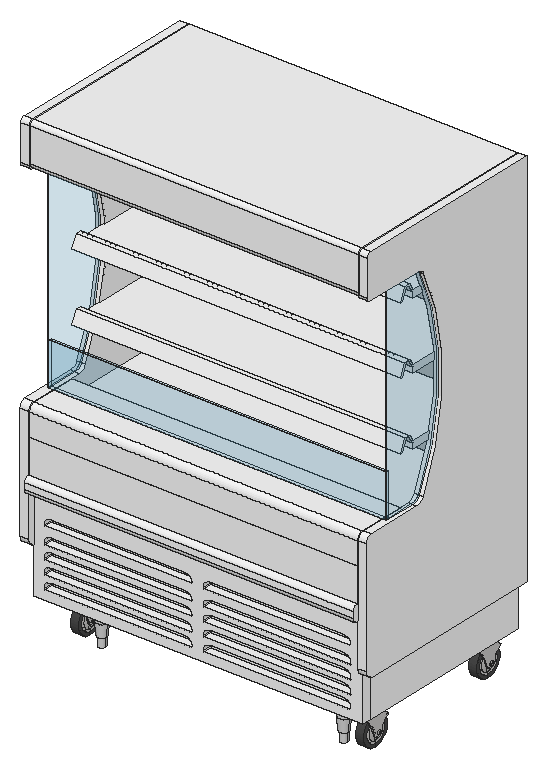
Revit family "QF_EVEREST_EOMV-48-_-28-S_cat", category Specialty Equipment, Revit 2016
Family settings
  Part Type = Normal
  Round Connector Dimension = Use Diameter
  Work Plane-Based = No
  Always vertical = Yes
  Cut with Voids When Loaded = No
  Shared = No
  Room Calculation Point = No
Parameters (values of type "EOMV-36-B-28-S")
  Weight in Pounds = 0
  Watts = if(Phase = 3, Volts * FL Amps * 1.73, Volts * FL Amps)  # 1265 W
  Volts = 115 V
  URL Cutsheet = ""
  Specification by User = ""
  Specification by Manufacturer = ""
  Serial Number = ""
  Seismic Rating = ""
  SMACNA No = ""
  Revision Code = ""
  Refrigerant Volume = 0.00 kip
  Refrigerant Type = "R290"
  Phase = 1
  Number of Poles = 1
  NAFEM Spec ID Number = ""
  Model = "EOMV-36-B-28-S"
  Min Ckt Ampacity = 0 A
  Max Overcurrent Protection = 0 A
  Materials and Finishes = QF_Plastic - White - Smooth
  Masterspec = ""
  Manufacturer = "EVEREST"
  Length = 48"
  Item Number = ""
  Installed By = ""
  Identify Quantity as Lot = yes
  Height = 65 1/8"
  HP = "1/2 x 2"
  Furnished By = ""
  Foodservice Equipment Identifier = yes
  FL Amps = 11 A
  Electrical Remarks = ""
  Electric Connection Type = ""
  Elec Conn RI Height = 0"
  Elec Conn Connection Height = 0"
  Description = "OPEN AIR MERCHANDISERS"
  Depth = 28 3/8"
  Cycle = 60 Hz
  Conn Plug = ""
  Conn Conduit = yes
  CSI MasterFormat = ""
  BTUH = 0.0 Btu/h
  Apparent Power = if(Phase = 3, Volts * FL Amps * 1.73, Volts * FL Amps)  # 1265 VA
Types (2): name | Watts | Model | Length | HP | FL Amps | Apparent Power
  EOMV-36-B-28-S | 1265 W | "EOMV-36-B-28-S" | 48" | "1/2 x 2" | 11 A | 1265 VA
  EOMV-36-W-28-S | 808.45 W | "EOMV-36-W-28-S" | 37 1/4" | "1/2" | 7.03 A | 808.45 VA
Reference planes (in)
  plane 1 "BACK": y = 0
  plane 2: z = 0
  plane 3 "LEFT": x = 0
  plane 4 "RIGHT": x = 48
  plane 5 "FRONT": y = -28.375
  plane 6 "TOP": z = 65.125
  plane 7 "Center Y": x = 24
  plane 8 "Center X": y = -14.1875
  plane 9: z = 5
  plane 10: z = 28.01517
  plane 11: z = 36.39017
  plane 12: z = 37.39017
  plane 13: z = 45.76517
  plane 14: z = 56.14017
  plane 15: z = 64.51517
  plane 16: x = 4.24624
  plane 17: x = 43.75376
Forms (in)
  Extrusion 1, solid, material "QF_Plastic - White - Smooth" <- "Materials and Finishes"
    sketch origin (48, 0, 0) x (0, -1, 0) y (0, 0, 1)
      loop
        arc (18.88598, 30.01333) -> (18.23402, 30.19682) -> (17.77346, 30.69342) r 1.25
        arc (17.77346, 30.69342) -> (14.43287, 44.53599) -> (17.76832, 58.3798) r 30.3737
        arc (17.76832, 58.3798) -> (18.31146, 58.88614) -> (19.0309, 59.06993) r 1.5
        line (19.0309, 59.06993) -> (27.02475, 59.06993)
        arc (27.02475, 59.06993) -> (27.3783, 59.21637) -> (27.52475, 59.56993) r 0.5
        line (27.52475, 59.56993) -> (27.52475, 64.4962)
        arc (27.52475, 64.4962) -> (27.34057, 64.94083) -> (26.89594, 65.125) r 0.6288
        line (26.89594, 65.125) -> (0, 65.125) -> (0, 12.267) -> (26.625, 12.267)
        arc (26.625, 12.267) -> (27.33211, 12.55989) -> (27.625, 13.267) r 1
        line (27.625, 13.267) -> (27.625, 29.14509)
        arc (27.625, 29.14509) -> (27.3707, 29.75903) -> (26.75676, 30.01333) r 0.86824
        line (26.75676, 30.01333) -> (18.88598, 30.01333)
    from 0 to 1.22604
  Extrusion 2, solid, material "QF_Plastic - White - Smooth" <- "Materials and Finishes"
    sketch origin (0, 6.625, 0) x (0, 1, 0) y (0, 0, 1)
      loop
        line (-6.625, 65.125) -> (-33.52094, 65.125)
        arc (-33.52094, 65.125) -> (-33.96557, 64.94083) -> (-34.14975, 64.4962) r 0.6288
        line (-34.14975, 64.4962) -> (-34.14975, 59.81993)
        arc (-34.14975, 59.81993) -> (-34.0033, 59.46637) -> (-33.64975, 59.31993) r 0.5
        line (-33.64975, 59.31993) -> (-31.89975, 59.31993) -> (-31.89975, 63.125) -> (-12.625, 63.125) -> (-12.625, 26.017) -> (-33.25, 26.017) -> (-33.25, 21.29979) -> (-34.35184, 21.29979)
        arc (-34.35184, 21.29979) -> (-34.81016, 21.10995) -> (-35, 20.65164) r 0.64816
        line (-35, 20.65164) -> (-35, 19.73115)
        arc (-35, 19.73115) -> (-34.82789, 19.31565) -> (-34.41239, 19.14354) r 0.58761
        line (-34.41239, 19.14354) -> (-33.25, 19.14354) -> (-32.25, 19.14354) -> (-32.25, 6.017) -> (-6.625, 6.017) -> (-6.625, 65.125)
    from 1.22604 to 46.77396
  Extrusion 3, solid, material "QF_Plastic - White - Smooth" <- "Materials and Finishes"
    sketch origin (1.22604, 6.625, 0) x (0, 1, 0) y (0, 0, 1)
      loop
        line (-33.25, 21.29979) -> (-33.25, 26.017) -> (-34.25, 26.017) -> (-34.25, 21.29979) -> (-33.25, 21.29979)
    from 0 to 45.54793
  Extrusion 4, solid, material "QF_Plastic - White - Smooth" <- "Materials and Finishes"
    sketch origin (1.22604, 6.625, 0) x (0, 1, 0) y (0, 0, 1)
      loop
        line (-30, 30.01333) -> (-30, 26.017) -> (-12.625, 26.017) -> (-12.625, 28.01517) -> (-26.875, 28.01517) -> (-26.875, 30.01333) -> (-30, 30.01333)
    from 0 to 45.54793
  Extrusion 5, solid, material "QF_Plastic - White - Smooth" <- "Materials and Finishes"
    sketch origin (0, 6.625, 0) x (0, 1, 0) y (0, 0, 1)
      loop
        line (-31.77475, 6.017) -> (-31.77475, 5.767) -> (-30.71368, 5.767) -> (-30.71368, 5) -> (-27.71368, 5) -> (-27.71368, 5.767) -> (-26.66918, 5.767) -> (-26.66918, 6.017) -> (-31.77475, 6.017)
      loop
        line (-12.20569, 6.017) -> (-12.20569, 5.767) -> (-11.14462, 5.767) -> (-11.14462, 5) -> (-8.14462, 5) -> (-8.14462, 5.767) -> (-7.10012, 5.767) -> (-7.10012, 6.017) -> (-12.20569, 6.017)
    from 1.22604 to 42.77396
  Extrusion 6, solid, material "Glass"
    sketch origin (48, 0, 0) x (0, -1, 0) y (0, 0, 1)
      loop
        line (23.52475, 59.06993) -> (19.0309, 59.06993)
        arc (19.0309, 59.06993) -> (18.31146, 58.88614) -> (17.76832, 58.3798) r 1.5
        arc (17.76832, 58.3798) -> (14.43287, 44.53599) -> (17.77346, 30.69342) r 30.3737
        arc (17.77346, 30.69342) -> (18.23402, 30.19682) -> (18.88598, 30.01333) r 1.25
        line (18.88598, 30.01333) -> (23.52475, 30.01333) -> (23.52475, 59.06993)
    from 0.49609 to 0.69922
  Extrusion 7, solid, material "QF_Plastic - White - Smooth"
    sketch origin (0, 6.625, 0) x (0, 1, 0) y (0, 0, 1)
      loop
        line (-24.8125, 37.39017) -> (-25.3125, 38.25619) -> (-26.0625, 38.25619) -> (-26.80208, 36.67015) -> (-26.66416, 36.67015) -> (-25.98287, 38.13119) -> (-25.38467, 38.13119) -> (-24.8125, 37.14017) -> (-24.8125, 36.39017) -> (-12.625, 36.39017) -> (-12.625, 37.39017) -> (-24.8125, 37.39017)
      loop
        line (-24.8125, 46.76517) -> (-25.3125, 47.63119) -> (-26.0625, 47.63119) -> (-26.80208, 46.04515) -> (-26.66416, 46.04515) -> (-25.98287, 47.50619) -> (-25.38467, 47.50619) -> (-24.8125, 46.51517) -> (-24.8125, 45.76517) -> (-12.625, 45.76517) -> (-12.625, 46.76517) -> (-24.8125, 46.76517)
      loop
        line (-24.8125, 56.14017) -> (-25.3125, 57.00619) -> (-26.0625, 57.00619) -> (-26.80208, 55.42015) -> (-26.66416, 55.42015) -> (-25.98287, 56.88119) -> (-25.38467, 56.88119) -> (-24.8125, 55.89017) -> (-24.8125, 55.14017) -> (-12.625, 55.14017) -> (-12.625, 56.14017) -> (-24.8125, 56.14017)
    from 1.22604 to 46.77396
  Extrusion 8, solid, material "QF_Plastic - White - Smooth" <- "Materials and Finishes"
    sketch origin (0, 0, 0) x (0, 1, 0) y (0, 0, 1)
      loop
        line (-18.88598, 30.01333) -> (-26.75676, 30.01333)
        arc (-26.75676, 30.01333) -> (-27.3707, 29.75903) -> (-27.625, 29.14509) r 0.86824
        line (-27.625, 29.14509) -> (-27.625, 13.267)
        arc (-27.625, 13.267) -> (-27.33211, 12.55989) -> (-26.625, 12.267) r 1
        line (-26.625, 12.267) -> (0, 12.267) -> (0, 65.125) -> (-26.89594, 65.125)
        arc (-26.89594, 65.125) -> (-27.34057, 64.94083) -> (-27.52475, 64.4962) r 0.6288
        line (-27.52475, 64.4962) -> (-27.52475, 59.56993)
        arc (-27.52475, 59.56993) -> (-27.3783, 59.21637) -> (-27.02475, 59.06993) r 0.5
        line (-27.02475, 59.06993) -> (-19.0309, 59.06993)
        arc (-19.0309, 59.06993) -> (-18.31146, 58.88614) -> (-17.76832, 58.3798) r 1.5
        arc (-17.76832, 58.3798) -> (-14.43287, 44.53599) -> (-17.77346, 30.69342) r 30.3737
        arc (-17.77346, 30.69342) -> (-18.23402, 30.19682) -> (-18.88598, 30.01333) r 1.25
    from 0 to 1.22604
  Extrusion 9, solid, material "Glass"
    sketch origin (0, 6.625, 0) x (0, 1, 0) y (0, 0, -1)
      loop
        line (-30.14975, -59.06993) -> (-25.6559, -59.06993)
        arc (-25.6559, -59.06993) -> (-24.93646, -58.88614) -> (-24.39332, -58.3798) r 1.5
        arc (-24.39332, -58.3798) -> (-21.05787, -44.53599) -> (-24.39846, -30.69342) r 30.3737
        arc (-24.39846, -30.69342) -> (-24.85902, -30.19682) -> (-25.51098, -30.01333) r 1.25
        line (-25.51098, -30.01333) -> (-30.14975, -30.01333) -> (-30.14975, -59.06993)
    from -0.49624 to -0.69824
  Extrusion 10, solid, material "QF_Plastic - White - Smooth" <- "Materials and Finishes"
    sketch origin (1.22604, 0, 0) x (0, 1, 0) y (0, 0, 1)
      loop
        line (-27.625, 26.017) -> (-23.375, 26.017) -> (-23.375, 30.01333) -> (-26.75676, 30.01333)
        arc (-26.75676, 30.01333) -> (-27.3707, 29.75903) -> (-27.625, 29.14509) r 0.86824
        line (-27.625, 29.14509) -> (-27.625, 26.017)
    from 0 to 45.54793
  Extrusion 11, solid, material "QF_Plastic - White - Smooth" <- "Materials and Finishes"
    sketch origin (0, -6, 80.69493) x (0, 0, -1) y (1, 0, 0)
      loop
        line (25.55476, 1.22604) -> (33.92976, 1.22604) -> (33.92976, 2.22604) -> (25.55476, 2.22604) -> (25.55476, 1.22604)
      loop
        line (34.92976, 1.22604) -> (43.30476, 1.22604) -> (43.30476, 2.22604) -> (34.92976, 2.22604) -> (34.92976, 1.22604)
      loop
        line (44.30476, 1.22604) -> (54.67793, 1.22604) -> (54.67793, 2.22604) -> (44.30476, 2.22604) -> (44.30476, 1.22604)
      loop
        line (17.56993, 1.22604) -> (24.55476, 1.22604) -> (24.55476, 2.22604) -> (17.56993, 2.22604) -> (17.56993, 1.22604)
      loop
        line (25.55476, 46.77396) -> (25.55476, 45.77396) -> (33.92976, 45.77396) -> (33.92976, 46.77396) -> (25.55476, 46.77396)
      loop
        line (34.92976, 46.77396) -> (34.92976, 45.77396) -> (43.30476, 45.77396) -> (43.30476, 46.77396) -> (34.92976, 46.77396)
      loop
        line (44.30476, 46.77396) -> (44.30476, 45.77396) -> (54.67793, 45.77396) -> (54.67793, 46.77396) -> (44.30476, 46.77396)
      loop
        line (17.56993, 46.77396) -> (17.56993, 45.77396) -> (24.55476, 45.77396) -> (24.55476, 46.77396) -> (17.56993, 46.77396)
    from 0 to 0.5
  Extrusion 12, solid, material "QF_Plastic - White - Smooth" <- "Materials and Finishes"
    sketch origin (0, -25.625, 6.017) x (0, 0, 1) y (-1, 0, 0)
      loop
        line (13.12655, -1.22604) -> (0, -1.22604) -> (0, -46.77396) -> (13.12655, -46.77396) -> (13.12655, -1.22604)
      loop
        arc (10.31385, -3.79099) -> (10.02095, -3.08389) -> (9.31385, -2.79099) r 1
        line (9.31385, -2.79099) -> (9.12635, -2.79099) -> (9.12635, -23.22849) -> (9.31385, -23.22849)
        arc (9.31385, -23.22849) -> (10.02095, -22.9356) -> (10.31385, -22.22849) r 1
        line (10.31385, -22.22849) -> (10.31385, -3.79099)
      loop
        line (10.31385, -44.20901) -> (10.31385, -25.77151)
        arc (10.31385, -25.77151) -> (10.02095, -25.0644) -> (9.31385, -24.77151) r 1
        line (9.31385, -24.77151) -> (9.12635, -24.77151) -> (9.12635, -45.20901) -> (9.31385, -45.20901)
        arc (9.31385, -45.20901) -> (10.02095, -44.91611) -> (10.31385, -44.20901) r 1
      loop
        arc (8.06385, -3.79099) -> (7.77095, -3.08389) -> (7.06385, -2.79099) r 1
        line (7.06385, -2.79099) -> (6.87635, -2.79099) -> (6.87635, -23.22849) -> (7.06385, -23.22849)
        arc (7.06385, -23.22849) -> (7.77095, -22.9356) -> (8.06385, -22.22849) r 1
        line (8.06385, -22.22849) -> (8.06385, -3.79099)
      loop
        line (8.06385, -44.20901) -> (8.06385, -25.77151)
        arc (8.06385, -25.77151) -> (7.77095, -25.0644) -> (7.06385, -24.77151) r 1
        line (7.06385, -24.77151) -> (6.87635, -24.77151) -> (6.87635, -45.20901) -> (7.06385, -45.20901)
        arc (7.06385, -45.20901) -> (7.77095, -44.91611) -> (8.06385, -44.20901) r 1
      loop
        arc (6.19272, -3.79099) -> (5.89982, -3.08389) -> (5.19272, -2.79099) r 1
        line (5.19272, -2.79099) -> (5.00522, -2.79099) -> (5.00522, -23.22849) -> (5.19272, -23.22849)
        arc (5.19272, -23.22849) -> (5.89982, -22.9356) -> (6.19272, -22.22849) r 1
        line (6.19272, -22.22849) -> (6.19272, -3.79099)
      loop
        line (6.19272, -44.20901) -> (6.19272, -25.77151)
        arc (6.19272, -25.77151) -> (5.89982, -25.0644) -> (5.19272, -24.77151) r 1
        line (5.19272, -24.77151) -> (5.00522, -24.77151) -> (5.00522, -45.20901) -> (5.19272, -45.20901)
        arc (5.19272, -45.20901) -> (5.89982, -44.91611) -> (6.19272, -44.20901) r 1
      loop
        arc (4.32159, -3.79099) -> (4.02869, -3.08389) -> (3.32159, -2.79099) r 1
        line (3.32159, -2.79099) -> (3.13409, -2.79099) -> (3.13409, -23.22849) -> (3.32159, -23.22849)
        arc (3.32159, -23.22849) -> (4.02869, -22.9356) -> (4.32159, -22.22849) r 1
        line (4.32159, -22.22849) -> (4.32159, -3.79099)
      loop
        line (4.32159, -44.20901) -> (4.32159, -25.77151)
        arc (4.32159, -25.77151) -> (4.02869, -25.0644) -> (3.32159, -24.77151) r 1
        line (3.32159, -24.77151) -> (3.13409, -24.77151) -> (3.13409, -45.20901) -> (3.32159, -45.20901)
        arc (3.32159, -45.20901) -> (4.02869, -44.91611) -> (4.32159, -44.20901) r 1
      loop
        arc (2.45046, -3.79099) -> (2.15757, -3.08389) -> (1.45046, -2.79099) r 1
        line (1.45046, -2.79099) -> (1.26296, -2.79099) -> (1.26296, -23.22849) -> (1.45046, -23.22849)
        arc (1.45046, -23.22849) -> (2.15757, -22.9356) -> (2.45046, -22.22849) r 1
        line (2.45046, -22.22849) -> (2.45046, -3.79099)
      loop
        line (2.45046, -44.20901) -> (2.45046, -25.77151)
        arc (2.45046, -25.77151) -> (2.15757, -25.0644) -> (1.45046, -24.77151) r 1
        line (1.45046, -24.77151) -> (1.26296, -24.77151) -> (1.26296, -45.20901) -> (1.45046, -45.20901)
        arc (1.45046, -45.20901) -> (2.15757, -44.91611) -> (2.45046, -44.20901) r 1
    from 0 to 1.24485
  Extrusion 13, solid, material "Glass"
    sketch origin (0.69824, -173.375, 77.19493) x (0, 0, -1) y (0, 1, 0)
      loop
        line (47.18159, 149.85025) -> (47.18159, 150.35025) -> (41.18159, 150.35025) -> (41.18159, 149.85025) -> (47.18159, 149.85025)
    from 0 to 46.60254
  Extrusion 14, solid, material "QF_Metal - Stainless - Polished"
    sketch origin (-6.625, 0.75, 0) x (1, 0, 0) y (0, 1, 0)
      loop
        line (17.93111, 0.25) -> (17.62982, -0.625) -> (17.14606, -0.625) -> (17.08777, -0.75) -> (17.71898, -0.75) -> (18.02027, 0.125) -> (19.22973, 0.125) -> (19.53102, -0.75) -> (20.16223, -0.75) -> (20.10394, -0.625) -> (19.62018, -0.625) -> (19.31889, 0.25) -> (17.93111, 0.25)
    from 30.20553 to 31.45625
  Extrusion 15, solid, material "QF_Metal - Stainless - Polished"
    sketch origin (54.625, 0.75, 0) x (-1, 0, 0) y (0, -1, 0)
      loop
        line (17.93111, -0.25) -> (19.31889, -0.25) -> (19.62018, 0.625) -> (20.10394, 0.625) -> (20.16223, 0.75) -> (19.53102, 0.75) -> (19.22973, -0.125) -> (18.02027, -0.125) -> (17.71898, 0.75) -> (17.08777, 0.75) -> (17.14606, 0.625) -> (17.62982, 0.625) -> (17.93111, -0.25)
    from 30.20553 to 31.45625
Lines and regions (in)
  symbolic lines
    curve 1: line (0, -27.625, 0) -> (48, -27.625, 0)
    curve 2: line (0, 0, 0) -> (0, -27.625, 0)
    curve 3: line (48, 0, 0) -> (0, 0, 0)
    curve 4: line (48, -27.625, 0) -> (48, 0, 0)
    curve 5: line (1.22604, -28.375, 0) -> (1.22604, -27.625, 0)
    curve 6: line (1.22604, -28.375, 0) -> (46.77396, -28.375, 0)
    curve 7: line (46.77396, -28.375, 0) -> (46.77396, -27.625, 0)
    curve 8: line (1.22604, 0, 0) -> (1.22604, -27.625, 0)
    curve 9: line (46.77396, 0, 0) -> (46.77396, -27.625, 0)
    curve 10: line (12.69389, 1, 0) -> (11.30611, 1, 0)
    curve 11: line (10.52106, 0.125, 0) -> (10.46277, 0, 0)
    curve 12: line (12.99518, 0.125, 0) -> (12.69389, 1, 0)
    curve 13: line (13.47894, 0.125, 0) -> (12.99518, 0.125, 0)
    curve 14: line (13.53723, 0, 0) -> (13.47894, 0.125, 0)
    curve 15: line (12.60473, 0.875, 0) -> (12.90602, 0, 0)
    curve 16: line (11.39527, 0.875, 0) -> (12.60473, 0.875, 0)
    curve 17: line (11.09398, 0, 0) -> (11.39527, 0.875, 0)
    curve 18: line (11.30611, 1, 0) -> (11.00482, 0.125, 0)
    curve 19: line (11.00482, 0.125, 0) -> (10.52106, 0.125, 0)
    curve 20: line (35.30611, 1, 0) -> (36.69389, 1, 0)
    curve 21: line (37.47894, 0.125, 0) -> (37.53723, 0, 0)
    curve 22: line (35.00482, 0.125, 0) -> (35.30611, 1, 0)
    curve 23: line (34.52106, 0.125, 0) -> (35.00482, 0.125, 0)
    curve 24: line (34.46277, 0, 0) -> (34.52106, 0.125, 0)
    curve 25: line (35.39527, 0.875, 0) -> (35.09398, 0, 0)
    curve 26: line (36.60473, 0.875, 0) -> (35.39527, 0.875, 0)
    curve 27: line (36.90602, 0, 0) -> (36.60473, 0.875, 0)
    curve 28: line (36.69389, 1, 0) -> (36.99518, 0.125, 0)
    curve 29: line (36.99518, 0.125, 0) -> (37.47894, 0.125, 0)
Dimensions and locks (in)
  equal spacing: plane 3 "LEFT", plane 7 "Center Y", plane 4 "RIGHT"
  "Length": plane 3 "LEFT" to plane 4 "RIGHT"
  equal spacing: plane 5 "FRONT", plane 8 "Center X", plane 1 "BACK"
  "Depth": plane 5 "FRONT" to plane 1 "BACK"
  "Height": plane 6 "TOP" to level
  plane 5 "FRONT" to plane 1 "BACK" = 28 3/8"
  plane 9 to plane 2 = 5"
  plane 4 "RIGHT" to plane 3 "LEFT" = 48"
  plane 6 "TOP" to plane 9 = 60 1/8"
  Extrusion 1 to level = 30.01333"
  plane 10 to plane 11 = 8 3/8"
  Extrusion 7 to Extrusion 7 = 8 3/8"  (x2)
  Extrusion 7 to plane 15 = 8 3/8"
  Extrusion 4 to Extrusion 7 = 8 3/8"
  Extrusion 4 to Extrusion 11 = 14 1/4"
  locked: plane 17 to plane 4 "RIGHT" at 4.24624
  aligned and locked: plane 2 to level
  aligned and locked: Extrusion 2 to Extrusion 1
  aligned and locked: Extrusion 4 to Extrusion 1
  aligned and locked: Extrusion 10 to Extrusion 1
  aligned and locked: Extrusion 3 to Extrusion 1
  aligned and locked: Extrusion 7 to Extrusion 1
  aligned and locked: nested 2 to plane 17
  aligned and locked: nested 4 to plane 17
Automatic sketch dimensions
  plane 1 "BACK" to curve 2 = 0"
  curve 2 to plane 3 "LEFT" = 0"
  plane 5 "FRONT" to curve 6 = 0"
  curve 3 to plane 4 "RIGHT" = 0"
  plane 3 "LEFT" to curve 6 = 1.22604"
  curve 19 to plane 1 "BACK" = 1/8"
  plane 16 to curve 19 = 6.27482"
  curve 11 to curve 18 = 0.48376"
  curve 18 to curve 10 = 0.30129"
  curve 10 to curve 16 = 0.08916"
  curve 16 to curve 16 = 1.20946"
  curve 12 to plane 1 "BACK" = 1"
  curve 15 to curve 12 = 0.08916"  (x2)
  curve 12 to plane 1 "BACK" = 1/8"
  curve 15 to curve 12 = 0.39045"
  curve 12 to curve 14 = 0.48376"
  curve 24 to plane 1 "BACK" = 1/8"
  plane 17 to curve 24 = 9.2327"
  curve 23 to curve 22 = 0.48376"
  curve 22 to plane 1 "BACK" = 1"
  curve 22 to curve 22 = 0.30129"
  curve 20 to curve 26 = 0.08916"
  curve 27 to plane 1 "BACK" = 7/8"
  curve 25 to curve 27 = 1.20946"
  curve 26 to curve 28 = 0.08916"
  curve 29 to plane 1 "BACK" = 1/8"
  curve 26 to curve 29 = 0.39045"
  curve 28 to curve 21 = 0.48376"
  plane 4 "RIGHT" to curve 6 = 1.22604"
  curve 2 to plane 5 "FRONT" = 3/4"
  curve 15 to curve 10 = 1/8"
  curve 8 to curve 5 = 0"
  curve 11 to curve 11 = 0.05829"
  curve 18 to curve 17 = 0.08916"
  curve 13 to curve 14 = 0.05829"
  curve 24 to curve 23 = 0.05829"
  curve 22 to curve 25 = 0.08916"
  curve 27 to curve 28 = 0.08916"
  curve 29 to curve 21 = 0.05829"
  curve 9 to curve 7 = 0"
  Extrusion 1 sketch curve to plane 1 "BACK" = 0"
  Extrusion 1 sketch curve to plane 6 "TOP" = 0"
  Extrusion 1 sketch curve to plane 10 = 1.99817"
  Extrusion 1 sketch curve to plane 8 "Center X" = 4.69848"
  Extrusion 1 sketch curve to plane 8 "Center X" = 4.8434"
  Extrusion 1 sketch curve to plane 5 "FRONT" = 1 3/4"
  Extrusion 1 sketch curve to plane 5 "FRONT" = 1.61824"
  Extrusion 1 sketch curve to plane 5 "FRONT" = 1.47906"
  Extrusion 1 sketch curve to plane 5 "FRONT" = 1.35025"
  plane 15 to Extrusion 1 sketch curve = 0.01897"
  Extrusion 1 sketch curve to plane 5 "FRONT" = 3/4"
  plane 13 to Extrusion 1 sketch curve = 1.22354"
  plane 5 "FRONT" to Extrusion 1 sketch curve = 16.43157"
  plane 9 to Extrusion 1 sketch curve = 8.267"
  Extrusion 1 sketch curve to Extrusion 1 sketch curve = 1 1/4"
  Extrusion 1 sketch curve to plane 14 = 1.42976"
  Extrusion 1 sketch curve to Extrusion 1 sketch curve = 1 1/2"
  Extrusion 1 sketch curve to Extrusion 1 sketch curve = 1.26258"
  Extrusion 2 sketch curve to plane 5 "FRONT" = 0"
  Extrusion 2 sketch curve to plane 6 "TOP" = 0"
  Extrusion 2 sketch curve to plane 1 "BACK" = 0"
  Extrusion 2 sketch curve to plane 5 "FRONT" = 0.58761"
  Extrusion 2 sketch curve to plane 5 "FRONT" = 0.64816"
  plane 15 to Extrusion 2 sketch curve = 0.01897"
  Extrusion 2 sketch curve to plane 5 "FRONT" = 0.85025"
  Extrusion 2 sketch curve to Extrusion 2 sketch curve = 1/2"
  Extrusion 2 sketch curve to plane 5 "FRONT" = 1 3/4"
  Extrusion 2 sketch curve to Extrusion 2 sketch curve = 1.16239"
  plane 9 to Extrusion 2 sketch curve = 1.017"
  Extrusion 2 sketch curve to plane 5 "FRONT" = 2 3/4"
  Extrusion 2 sketch curve to Extrusion 2 sketch curve = 1.6212"
  plane 10 to Extrusion 2 sketch curve = 1.99817"
  plane 1 "BACK" to Extrusion 2 sketch curve = 6"
  Extrusion 2 sketch curve to Extrusion 2 sketch curve = 6.87345"
  Extrusion 2 sketch curve to Extrusion 2 sketch curve = 0.92048"
  Extrusion 2 sketch curve to plane 14 = 3.17976"
  plane 15 to Extrusion 2 sketch curve = 1.39017"
  Extrusion 3 sketch curve to plane 5 "FRONT" = 3/4"
  Extrusion 3 sketch curve to Extrusion 3 sketch curve = 1"
  plane 10 to Extrusion 3 sketch curve = 6.71537"
  plane 10 to Extrusion 3 sketch curve = 1.99817"
  plane 10 to Extrusion 4 sketch curve = 0"
  plane 10 to Extrusion 4 sketch curve = 1.99817"
  Extrusion 4 sketch curve to plane 5 "FRONT" = 5"
  Extrusion 4 sketch curve to Extrusion 4 sketch curve = 3 1/8"
  plane 1 "BACK" to Extrusion 4 sketch curve = 6"
  Extrusion 4 sketch curve to plane 10 = 1.99817"
  Extrusion 5 sketch curve to plane 9 = 0"  (x2)
  plane 9 to Extrusion 5 sketch curve = 1.017"  (x2)
  Extrusion 5 sketch curve to plane 5 "FRONT" = 3.22525"
  Extrusion 5 sketch curve to Extrusion 5 sketch curve = 1.06106"  (x2)
  Extrusion 5 sketch curve to Extrusion 5 sketch curve = 3"
  Extrusion 5 sketch curve to Extrusion 5 sketch curve = 1.0445"
  plane 1 "BACK" to Extrusion 5 sketch curve = 5.58069"
  plane 1 "BACK" to Extrusion 5 sketch curve = 1.51962"
  plane 1 "BACK" to Extrusion 5 sketch curve = 0.47512"
  Extrusion 5 sketch curve to Extrusion 5 sketch curve = 0.767"  (x3)
  Extrusion 5 sketch curve to Extrusion 5 sketch curve = 1/4"
  Extrusion 6 sketch curve to plane 8 "Center X" = 4.69848"
  Extrusion 6 sketch curve to plane 14 = 1.42976"
  Extrusion 6 sketch curve to plane 8 "Center X" = 4.8434"
  Extrusion 6 sketch curve to plane 10 = 1.99817"
  Extrusion 6 sketch curve to Extrusion 6 sketch curve = 4.63876"
  plane 13 to Extrusion 6 sketch curve = 1.22354"
  plane 5 "FRONT" to Extrusion 6 sketch curve = 16.43157"
  Extrusion 6 sketch curve to Extrusion 6 sketch curve = 1 1/4"
  Extrusion 6 sketch curve to plane 14 = 2.92976"
  Extrusion 6 sketch curve to Extrusion 6 sketch curve = 0"
  plane 12 to Extrusion 7 sketch curve = 0"
  plane 13 to Extrusion 7 sketch curve = 0"
  plane 11 to Extrusion 7 sketch curve = 0"
  plane 14 to Extrusion 7 sketch curve = 0"
  Extrusion 7 sketch curve to plane 13 = 0.27999"
  Extrusion 7 sketch curve to plane 8 "Center X" = 5.98958"  (x3)
  plane 14 to Extrusion 7 sketch curve = 0.72001"
  Extrusion 7 sketch curve to plane 11 = 0.27999"
  Extrusion 7 sketch curve to Extrusion 7 sketch curve = 0.13792"  (x3)
  Extrusion 7 sketch curve to plane 13 = 1.86603"
  Extrusion 7 sketch curve to Extrusion 7 sketch curve = 0.60166"  (x3)
  Extrusion 7 sketch curve to plane 14 = 0.86603"
  Extrusion 7 sketch curve to plane 12 = 0.86603"
  Extrusion 7 sketch curve to Extrusion 7 sketch curve = 0.07963"  (x3)
  Extrusion 7 sketch curve to plane 13 = 1.74103"
  Extrusion 7 sketch curve to plane 14 = 0.74103"
  Extrusion 7 sketch curve to Extrusion 7 sketch curve = 0.5982"  (x3)
  Extrusion 7 sketch curve to plane 12 = 0.74103"
  Extrusion 7 sketch curve to Extrusion 7 sketch curve = 0.07217"  (x3)
  Extrusion 7 sketch curve to plane 13 = 1"
  Extrusion 7 sketch curve to Extrusion 7 sketch curve = 0.57217"  (x3)
  Extrusion 7 sketch curve to Extrusion 7 sketch curve = 0"  (x3)
  plane 14 to Extrusion 7 sketch curve = 1/4"
  plane 1 "BACK" to Extrusion 7 sketch curve = 6"  (x3)
  Extrusion 7 sketch curve to Extrusion 7 sketch curve = 1/4"  (x2)
  Extrusion 7 sketch curve to Extrusion 7 sketch curve = 1"
  Extrusion 8 sketch curve to plane 6 "TOP" = 0"
  Extrusion 8 sketch curve to plane 1 "BACK" = 0"
  Extrusion 8 sketch curve to plane 10 = 1.99817"
  Extrusion 8 sketch curve to plane 8 "Center X" = 4.69848"
  Extrusion 8 sketch curve to plane 14 = 1.42976"
  Extrusion 8 sketch curve to plane 8 "Center X" = 4.8434"
  Extrusion 8 sketch curve to plane 5 "FRONT" = 1 3/4"
  Extrusion 8 sketch curve to plane 5 "FRONT" = 1.61824"
  plane 15 to Extrusion 8 sketch curve = 0.01897"
  Extrusion 8 sketch curve to plane 5 "FRONT" = 1.47906"
  Extrusion 8 sketch curve to Extrusion 8 sketch curve = 1/2"
  Extrusion 8 sketch curve to plane 5 "FRONT" = 3/4"
  plane 13 to Extrusion 8 sketch curve = 1.22354"
  plane 5 "FRONT" to Extrusion 8 sketch curve = 16.43157"
  plane 9 to Extrusion 8 sketch curve = 8.267"
  Extrusion 8 sketch curve to Extrusion 8 sketch curve = 1 1/4"
  Extrusion 8 sketch curve to Extrusion 8 sketch curve = 1 1/2"
  Extrusion 8 sketch curve to Extrusion 8 sketch curve = 1.26258"
  plane 13 to Extrusion 9 sketch curve = 1.22354"
  plane 5 "FRONT" to Extrusion 9 sketch curve = 16.43157"
  Extrusion 9 sketch curve to plane 10 = 1.99817"
  Extrusion 9 sketch curve to plane 5 "FRONT" = 4.85025"
  Extrusion 9 sketch curve to Extrusion 9 sketch curve = 4.49385"
  Extrusion 9 sketch curve to Extrusion 9 sketch curve = 4.63876"
  Extrusion 9 sketch curve to plane 14 = 1.42976"
  Extrusion 9 sketch curve to plane 14 = 2.92976"
  Extrusion 9 sketch curve to Extrusion 9 sketch curve = 1 1/4"
  Extrusion 9 sketch curve to Extrusion 9 sketch curve = 0"
  Extrusion 10 sketch curve to Extrusion 8 = 4.14975"
  Extrusion 10 sketch curve to Extrusion 10 sketch curve = 3.12809"
  Extrusion 11 sketch curve to plane 14 = 0"  (x2)
  Extrusion 11 sketch curve to plane 13 = 0"  (x2)
  Extrusion 11 sketch curve to plane 12 = 0"  (x2)
  Extrusion 11 sketch curve to plane 11 = 0"  (x2)
  plane 15 to Extrusion 11 sketch curve = 1.39017"  (x2)
  plane 14 to Extrusion 11 sketch curve = 1"  (x2)
  Extrusion 11 sketch curve to Extrusion 11 sketch curve = 1"  (x6)
  plane 10 to Extrusion 11 sketch curve = 1.99817"  (x2)
  plane 3 "LEFT" to Extrusion 11 sketch curve = 1.22604"  (x2)
  Extrusion 11 sketch curve to Extrusion 11 sketch curve = 0"  (x8)
  Extrusion 11 sketch curve to plane 17 = 2.0202"  (x2)
  Extrusion 12 sketch curve to Extrusion 2 = 0"  (x4)
  Extrusion 2 to Extrusion 12 sketch curve = 1.26296"  (x2)
  Extrusion 12 sketch curve to Extrusion 12 sketch curve = 3/16"  (x16)
  Extrusion 12 sketch curve to Extrusion 12 sketch curve = 1"  (x14)
  Extrusion 12 sketch curve to Extrusion 12 sketch curve = 0.68363"  (x6)
  Extrusion 12 sketch curve to Extrusion 12 sketch curve = 0.87113"  (x4)
  Extrusion 12 sketch curve to Extrusion 12 sketch curve = 1 1/16"  (x2)
  Extrusion 2 to Extrusion 12 sketch curve = 1.56496"  (x3)
  Extrusion 12 sketch curve to Extrusion 12 sketch curve = 18 7/16"
  Extrusion 12 sketch curve to Extrusion 12 sketch curve = 0"  (x7)
  Extrusion 12 sketch curve to Extrusion 12 sketch curve = 1.54301"  (x3)
  Extrusion 2 to Extrusion 12 sketch curve = 2.56496"  (x2)
  Extrusion 13 sketch curve to plane 11 = 0.37683"
  plane 10 to Extrusion 13 sketch curve = 1.99817"
  plane 5 "FRONT" to Extrusion 13 sketch curve = 5.35025"
  Extrusion 13 sketch curve to Extrusion 13 sketch curve = 1/2"
  plane 1 "BACK" to Extrusion 14 sketch curve = 0"  (x2)
  plane 16 to Extrusion 14 sketch curve = 6.21653"
  Extrusion 14 sketch curve to plane 1 "BACK" = 1/8"  (x2)
  Extrusion 14 sketch curve to Extrusion 14 sketch curve = 0.05829"  (x2)
  Extrusion 14 sketch curve to Extrusion 14 sketch curve = 0.48376"  (x2)
  Extrusion 14 sketch curve to Extrusion 14 sketch curve = 0.08916"  (x4)
  Extrusion 14 sketch curve to plane 1 "BACK" = 1"
  Extrusion 14 sketch curve to Extrusion 14 sketch curve = 0.30129"  (x2)
  Extrusion 14 sketch curve to plane 1 "BACK" = 7/8"
  Extrusion 14 sketch curve to Extrusion 14 sketch curve = 1.20946"
  plane 1 "BACK" to Extrusion 15 sketch curve = 0"  (x2)
  plane 17 to Extrusion 15 sketch curve = 6.21653"
  Extrusion 15 sketch curve to plane 1 "BACK" = 1/8"  (x2)
  Extrusion 15 sketch curve to Extrusion 15 sketch curve = 0.05829"  (x2)
  Extrusion 15 sketch curve to Extrusion 15 sketch curve = 0.48376"  (x2)
  Extrusion 15 sketch curve to Extrusion 15 sketch curve = 0.08916"  (x4)
  Extrusion 15 sketch curve to plane 1 "BACK" = 1"
  Extrusion 15 sketch curve to Extrusion 15 sketch curve = 0.30129"  (x2)
  Extrusion 15 sketch curve to plane 1 "BACK" = 7/8"
  Extrusion 15 sketch curve to Extrusion 15 sketch curve = 1.20946"
  radius of Extrusion 10 sketch curve to Extrusion 8 = 0"
Nested families (in)
  nested 1: "5 INCHES 01_CASTER 2" at (4.24624, -22.51899, 0), type "5 INCHES 01_CASTER 2"
    with Type Mark "", Specification by User "", Revision Code "", Item Number "", Installed By "", Identify Quantity as Lot yes, Furnished By "", Foodservice Equipment Identifier yes
  nested 2: "5 INCHES 01_CASTER 2" at (43.75376, -22.51899, 0), type "5 INCHES 01_CASTER 2"
    with Type Mark "", Specification by User "", Revision Code "", Item Number "", Installed By "", Identify Quantity as Lot yes, Furnished By "", Foodservice Equipment Identifier yes
  nested 3: "5 INCHES 01_CASTER 2" at (4.24624, -3.01962, 0), type "5 INCHES 01_CASTER 2"
    with Type Mark "", Specification by User "", Revision Code "", Item Number "", Installed By "", Identify Quantity as Lot yes, Furnished By "", Foodservice Equipment Identifier yes
  nested 4: "5 INCHES 01_CASTER 2" at (43.75376, -3.01962, 0), type "5 INCHES 01_CASTER 2"
    with Type Mark "", Specification by User "", Revision Code "", Item Number "", Installed By "", Identify Quantity as Lot yes, Furnished By "", Foodservice Equipment Identifier yes
  nested 5: "4 INCHES LEGS" at (7.24624, -22.51899, 0), type "4 INCHES LEGS"
    with Type Mark "", Status "", Specification by User "", Show Legs yes, Show 6" Casters yes, Revision Code "", Item Number "", Installed By "", Identify Quantity as Lot yes, Furnished By "", Foodservice Equipment Identifier yes
  nested 6: "4 INCHES LEGS" at (40.75376, -22.51899, 0) x (-1, 0, 0) z (0, 0, 1), type "4 INCHES LEGS"
    with Type Mark "", Status "", Specification by User "", Show Legs yes, Show 6" Casters yes, Revision Code "", Item Number "", Installed By "", Identify Quantity as Lot yes, Furnished By "", Foodservice Equipment Identifier yes
Connectors (in)
  electrical at (34.77838, 0, 30.83089), driven by "Volts", driven by "Watts"
    settings: on Extrusion 15, index 3, voltage 115 V, apparent load 1265 VA, apparent load phase1 0 VA, apparent load phase2 0 VA, apparent load phase3 0 VA, power factor 1, load classification "Other", number of poles 1, system type 30, power factor state 1, is connector primary yes, connector utility no, sub classification motor no, connector description "ELECTRICAL CONNECTION"
Definition of nested family "5 INCHES 01_CASTER 2"
  Parameters (values of type "5 INCHES 01_CASTER 2")
    Weight = ""
    URL Manufacturer = ""
    URL Cutsheet = ""
    URL = ""
    Type Mark [instance] = ""
    Specification by User [instance] = ""
    Specification by Manufacturer = ""
    Serial Number = ""
    Seismic Rating = ""
    SMACNA No = ""
    Revision Code [instance] = ""
    Omniclass Number and Title = ""
    NAFEM Spec ID Number = ""
    Model = ""
    MasterSpec. = ""
    Manufacturer = ""
    Item Number [instance] = ""
    Installed By [instance] = ""
    Identify Quantity as Lot [instance] = yes
    Furnished By [instance] = ""
    Foodservice Equipment Identifier [instance] = yes
    Description = ""
    CSI MasterFormat = ""
    CSI Master Format = ""
    Assembly Code = ""
  Reference planes (in)
    plane 1: z = 0
    plane 2 "RIGHT": x = 0
    plane 3 "FRONT": y = 0
    plane 4 "TOP": z = 5
  Forms (in)
    Revolve 1, solid
      sketch origin (-1.93794, 0.99859, -1.0041) x (1, 0, 0) y (0, 0, 1)
        loop
          line (0.74055, 3.0041) -> (0.74055, 2.9286) -> (0.79055, 2.8786) -> (0.85055, 2.8786) -> (0.85055, 2.75852) -> (1.235, 2.75852) -> (1.235, 2.56618) -> (1.37557, 2.48502) -> (1.49133, 1.76972) -> (1.34375, 1.76972) -> (1.34375, 1.53535) -> (1.375, 1.53535) -> (1.375, 1.0041) -> (2.48438, 1.0041) -> (2.48438, 1.53535) -> (2.51563, 1.53535) -> (2.51563, 1.76972) -> (2.36805, 1.76972) -> (2.48438, 2.48853) -> (2.62438, 2.56936) -> (2.62438, 2.75852) -> (3.04007, 2.75852) -> (3.04007, 2.8786) -> (3.10007, 2.8786) -> (3.15007, 2.9286) -> (3.15007, 3.0041) -> (0.74055, 3.0041)
        axis (0.74055, 3.0041) -> (3.15007, 3.0041)
      angle from 0 to 360
    Extrusion 2, solid
      sketch origin (-1.93794, 1.96337, -0.7541) x (0, 1, 0) y (0, 0, 1)
        loop
          line (-3.37739, 5.33423) -> (-3.37739, 4.92712) -> (-2.49294, 4.92712)
          arc (-2.49294, 4.92712) -> (-1.47209, 4.91752) -> (-0.46376, 4.75787) r 6.92153
          arc (-0.46376, 4.75787) -> (0.14199, 4.53396) -> (0.67481, 4.16904) r 2.62713
          line (0.67481, 4.16904) -> (0.7876, 4.33012)
          arc (0.7876, 4.33012) -> (0.48098, 4.5674) -> (0.13288, 4.73811) r 1.91675
          line (0.13288, 4.73811) -> (0.21197, 4.87494)
          arc (0.21197, 4.87494) -> (-0.1576, 5.02102) -> (-0.54934, 5.08775) r 1.91675
          line (-0.54934, 5.08775) -> (-0.54934, 5.33423) -> (-3.37739, 5.33423)
      from 1.17357 to 2.70231
    Revolve 3, solid
      sketch origin (0, 2.15543, -1.25) x (0, 1, 0) y (0, 0, 1)
        loop
          line (-2.21793, 6.25) -> (-2.21793, 5.83014) -> (-1.05793, 5.83014) -> (-1.05793, 6.25) -> (-2.21793, 6.25)
        axis (-2.21793, 5.83014) -> (-2.21793, 6.25)
      angle from 0 to 360
    Extrusion 4, solid
      sketch origin (-1.98481, 1.96337, -0.7541) x (0, 1, 0) y (0, 0, 1)
        loop
          line (-3.37739, 5.33423) -> (-3.37739, 4.92712) -> (-3.13361, 4.92712)
          arc (-3.13361, 4.92712) -> (-2.12623, 3.92533) -> (-1.55834, 2.62307) r 3.79122
          arc (-1.55834, 2.62307) -> (-0.81477, 2.14247) -> (-0.31772, 2.87515) r 0.63314
          arc (-0.31772, 2.87515) -> (-0.02244, 3.67728) -> (0.68637, 4.15498) r 1.39003
          line (0.68637, 4.15498) -> (0.7876, 4.33012)
          arc (0.7876, 4.33012) -> (0.48098, 4.5674) -> (0.13288, 4.73811) r 1.91675
          line (0.13288, 4.73811) -> (0.21197, 4.87494)
          arc (0.21197, 4.87494) -> (-0.1576, 5.02102) -> (-0.54934, 5.08775) r 1.91675
          line (-0.54934, 5.08775) -> (-0.54934, 5.33423) -> (-3.37739, 5.33423)
      from 2.74918 to 2.90825
    Extrusion 5, solid
      sketch origin (1.98481, 1.96337, -0.7541) x (0, 1, 0) y (0, 0, -1)
        loop
          line (-3.37739, -5.33423) -> (-0.54934, -5.33423) -> (-0.54934, -5.08775)
          arc (-0.54934, -5.08775) -> (-0.1576, -5.02102) -> (0.21197, -4.87494) r 1.91675
          line (0.21197, -4.87494) -> (0.13288, -4.73811)
          arc (0.13288, -4.73811) -> (0.48098, -4.5674) -> (0.7876, -4.33012) r 1.91675
          line (0.7876, -4.33012) -> (0.68637, -4.15498)
          arc (0.68637, -4.15498) -> (-0.02244, -3.67728) -> (-0.31772, -2.87515) r 1.39003
          arc (-0.31772, -2.87515) -> (-0.81477, -2.14247) -> (-1.55834, -2.62307) r 0.63314
          arc (-1.55834, -2.62307) -> (-2.12623, -3.92533) -> (-3.13361, -4.92712) r 3.79122
          line (-3.13361, -4.92712) -> (-3.37739, -4.92712) -> (-3.37739, -5.33423)
      from 2.74918 to 2.90825
  Cuts and joins
    joined: Extrusion 2, Extrusion 4, Extrusion 5
  Lines and regions (in)
    symbolic lines
      curve 1: line (0.54262, 2.21348, 0) -> (1.50337, 1.65879, 0)
      curve 2: line (-1.45738, -1.25062, 0) -> (-0.70738, 0.04842, 0)
      curve 3: line (-0.49663, -1.80531, 0) -> (-1.45738, -1.25062, 0)
      curve 4: line (1.50337, 1.65879, 0) -> (0.75337, 0.35975, 0)
      curve 5: line (-0.20738, 0.91444, 0) -> (0.54262, 2.21348, 0)
      curve 6: line (0.25337, -0.50627, 0) -> (-0.49663, -1.80531, 0)
  Dimensions and locks (in)
    plane 4 "TOP" to level = 5"  (x2)
    aligned and locked: level to plane 1
Definition of nested family "4 INCHES LEGS"
  Parameters (values of type "4 INCHES LEGS")
    Weight = ""
    URL Manufacturer = ""
    URL Cutsheet = ""
    URL = ""
    Type Mark [instance] = ""
    Status [instance] = ""
    Specification by User [instance] = ""
    Specification by Manufacturer = ""
    Show Legs [instance] = yes
    Show 6" Casters [instance] = yes
    Serial Number = ""
    Seismic Rating = ""
    SMACNA No = ""
    Revision Code [instance] = ""
    Omniclass Number and Title = ""
    NAFEM Spec ID Number = ""
    Model = ""
    MasterSpec. = ""
    Manufacturer = ""
    Item Number [instance] = ""
    Installed By [instance] = ""
    Identify Quantity as Lot [instance] = yes
    Furnished By [instance] = ""
    Foodservice Equipment Identifier [instance] = yes
    Description = ""
    CSI MasterFormat = ""
    CSI Master Format = ""
    Assembly Code = ""
  Reference planes (in)
    plane 1: z = 0
    plane 2 "RIGHT": x = 0
    plane 3 "FRONT": y = 0
    plane 4 "TOP": z = 5
  Forms (in)
    Revolve 1, solid, visible <- "Show Legs"
      sketch origin (11.12172, 0, 0) x (-1, 0, 0) y (0, 0, -1)
        loop
          line (11.12172, -5) -> (11.12172, 0) -> (10.62172, 0) -> (10.62172, -1.30261) -> (10.49672, -1.30261) -> (10.37172, -3.02631) -> (10.37172, -4.75) -> (10.12172, -4.75) -> (10.12172, -5) -> (11.12172, -5)
        axis (11.12172, 0) -> (11.12172, -5)
      angle from 0 to 360
  Dimensions and locks (in)
    plane 4 "TOP" to level = 5"  (x2)
    locked: Revolve 1 sketch curve to Revolve 1 sketch curve at 1.30261
    locked: Revolve 1 sketch curve to Revolve 1 sketch curve at 0.75
    aligned and locked: level to plane 1
